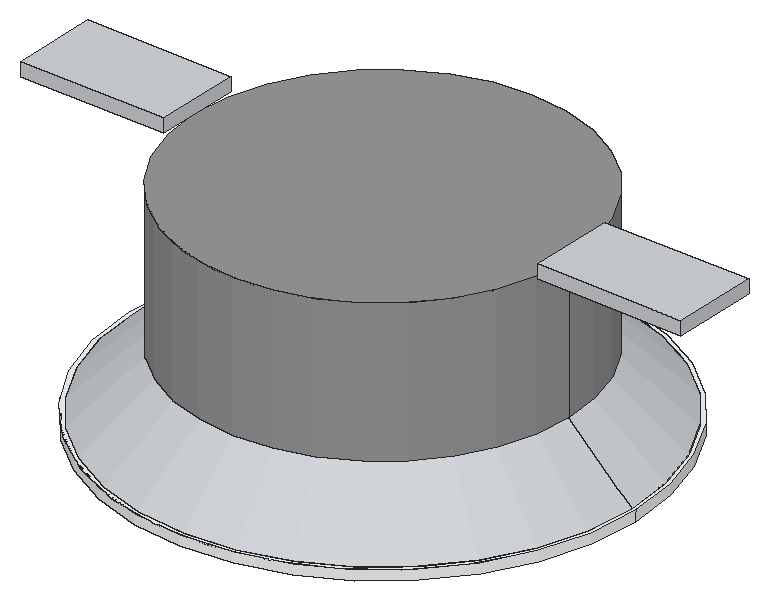
Revit family "FALCO-DOWN_LIGHT_LED_IP65_10W_O115+connect_4000K", category Lighting Fixtures, host Ceiling, Revit 2021
Family settings
  Host = Ceiling
  Round Connector Dimension = Use Diameter
  Part Type = Normal
  OmniClass Number = 23.80.70.11
  OmniClass Title = Luminaries for Internal Lighting
  Always vertical = Yes
  Cut with Voids When Loaded = No
  Light Source = Yes
  Shared = No
  Room Calculation Point = No
Parameters (values of type "Type 1")
  Wattage = 7.92369 W
  built-in parameter 1150110 = 1 (stored number, unit not read)
  URL = "https://www.lucera.fr/"
  built-in parameter 1114217 = 1 (stored number, unit not read)
  Tilt Angle = 90.00°
  built-in parameter 1150109 = 1 (stored number, unit not read)
  built-in parameter 1150134 = 12
  built-in parameter 1150113 = 1 (stored number, unit not read)
  SDCM = "3"
  Puissance nominale = "10W"
  Photometric Web File = "google_eulumdat_converter.ies"
  Matériau = "Aluminium diffuseur PMMA"
  Manufacturer = "Lucera - Lucera (c) 06/01/2021 16:39:03 +01:00"  # constant formula
  Maintien du flux = "L80B10 (50 000 heures)"
  Lumens = 1177 lm
  built-in parameter 1150115 = 1 (stored number, unit not read)
  built-in parameter 1150105 = 93.663 (stored number, unit not read)
  built-in parameter 1150137 = (empty or 0)
  built-in parameter 1150139 = (empty or 0)
  built-in parameter 1150112 = 1 (stored number, unit not read)
  built-in parameter 1150114 = 1 (stored number, unit not read)
  Lamp = "LED XC-COB Bridgelux 2630"
  built-in parameter 1150132 = 2
  built-in parameter 1150102 = (empty or 0)
  built-in parameter 1150138 = (empty or 0)
  built-in parameter 1150107 = 4000 (stored number, unit not read)
  built-in parameter 1150106 = 0.93663 (stored number, unit not read)
  IRC = ">90"
  built-in parameter 1150104 = 13.8 (stored number, unit not read)
  Durée de vie = "50 000 heures"
  Driver = "Driver Lifud TUV CE CCC"
  Dimming Lamp Color Temperature Shift = <None>
  Dimensions = "Ø 115 mm, H = 48 mm"
  Dimension découpe = "Ø 100-105 mm"
  Default Elevation = 0 mm
  Couleur = "Blanc"
  Color Filter = 16777215
  built-in parameter 1114218 = 1 (stored number, unit not read)
  built-in parameter 1150133 = 10 (stored number, unit not read)
  Angle d'éclairage = "60°"
  Alimentation luminaire = "25-42V dc / 200mA"
  Alimentation Driver = "AC 220-240V"
Reference planes
  plane 1 "Light Source Axis (F/B)": y = 0
  plane 2: z = 0
  plane 3 "Light Source Axis (L/R)": x = 0
  plane 4 "Ceiling": z = 4000
  plane 5 "Light Source Elevation": z = 3985.451
Forms (mm)
  Extrusion 1, solid, material "Aluminum, Blanc"
    sketch origin (0, 0, 4000) x (0, 1, 0) y (-1, 0, 0)
      loop
        circle (0, 0) r 57.5
      loop
        circle (0, 0) r 56.5
    from -6.482 to -4.223
  Extrusion 2, solid, material "diffuseur PMMA"
    sketch origin (0, 0, 4000) x (0, 1, 0) y (-1, 0, 0)
      loop
        circle (0, 0) r 56.5
    from -6.482 to -4.223
  Blend 3, solid
    base sketch origin (0, 0, 4000) x (0, 1, 0) y (-1, 0, 0)
      loop
        circle (0, 0) r 56.5
    top sketch origin (0, 0, 4000) x (0, 1, 0) y (-1, 0, 0)
      loop
        circle (0, 0) r 13
    from -4.223 to 37.093
  Extrusion 4, solid, material "Aluminum, Noir"
    sketch origin (0, 0, 4000) x (0, 1, 0) y (-1, 0, 0)
      loop
        circle (0, 0) r 42.434
    from 9.457 to 41.518
  Extrusion 5, solid
    sketch origin (0, 0, 4000) x (0, 1, 0) y (-1, 0, 0)
      loop
        line (10, 75) -> (-9.151, 75) -> (-9.151, 42.427) -> (10, 42.427) -> (10, 75)
    from 41.518 to 44.557
  Extrusion 6, solid
    sketch origin (0, 0, 4000) x (0, -1, 0) y (1, 0, 0)
      loop
        line (-10, 75) -> (-10, 42.427) -> (9.151, 42.427) -> (9.151, 75) -> (-10, 75)
    from 41.518 to 44.557
Lines and regions (mm)
  reference lines
    curve 1: line (0, 0, 4000) -> (13, 0, 4000)
    curve 2: line (0, 0, 4000) -> (0, 57.5, 4000)
    curve 3: line (0, 0, 3993.518) -> (0, 0, 4041.518)
Dimensions and locks
  equal spacing: host sketch curve, plane 3 "Light Source Axis (L/R)", host sketch curve
  equal spacing: host sketch curve, plane 1 "Light Source Axis (F/B)", host sketch curve
  host sketch curve to host sketch curve = 4000 mm  (x2)
  plane 4 "Ceiling" to host ceiling = 0 mm
  aligned and locked: plane 1 "Light Source Axis (F/B)" to imposter light
  aligned and locked: plane 5 "Light Source Elevation" to imposter light
